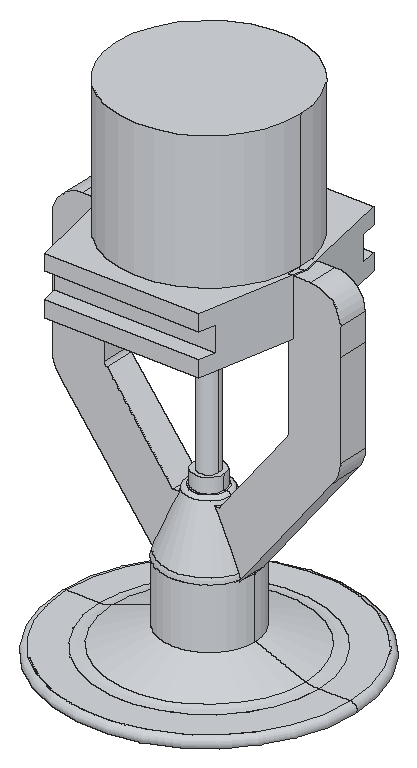
Revit family
Parameters (values of type "RASCO J112 PENDENT")
  Temperature Rating = 155 °F
  Response = 1
  RASCO SIN # = "RA7216"
  RASCO Part # = "J112P1B"
  Pressure Rating = "175 PSI"
  Pressure Class = (empty or 0)
  Orifice Size = 3/4"
  Orifice = (empty or 0)
  Model = "J112"
  Manufacturer = "RASCO"
  K-Factor = 11.2
  Description = "BRONZE FINISH"
  Coverage = (empty or 0)
Reference planes (in)
  plane 1 "Center (Front/Back)": y = 0
  plane 2: z = 0
  plane 3 "Center (Left/Right)": x = 0
Nested families (in)
  nested 1: "J112P1B" at (0, 0, 3.03581) x (-1, 0, 0) z (0, 0, -1), type "RASCO J112 PENDENT"
Connectors (in)
  piping at (0, 0, 3.03581)
    settings: on nested 1, index 1, connector radius 1/2", flow factor 0, pipe flow 0 GPM, pressure drop 0.00 psi, fitting loss kfactor 0, connector angle 0.00°, fixture units 0, flow configuration 0, flow direction 0, fitting loss method 0, system type 7, connector reference index -1, connector utility 0, adjustable connector no, is connector primary yes, fitting loss table "", connector description ""
Definition of nested family "J112P1B"
  Parameters (values of type "RASCO J112 PENDENT")
    Type Comments = ""
    Temperature Rating = 0 °F
    Response = (empty or 0)
    Pressure Rating = "0"
    Pressure Class = (empty or 0)
    Orifice Size = 0"
    Orifice = (empty or 0)
    Model = ""
    Manufacturer = ""
    K-Factor = 0
    Description = ""
    Coverage = (empty or 0)
    Assembly Code = ""
  Reference planes (in)
    plane 1 "Center (Front/Back)": y = 0
    plane 2: z = 0
    plane 3 "REF.1": z = 0.773
    plane 4 "top": z = 2.8125
    plane 5: x = -0.81624
    plane 6: x = 0.81332
    plane 7 "ref.2": z = 2.098
    plane 8 "head": z = 2.6725
    plane 9 "left/right center": x = 0
    plane 10 "screw": z = 1.98251
    plane 11 "bulb": z = 1.098
    plane 12: z = 2.95
  Forms (in)
    Extrusion 1, solid
      sketch origin (0, 0, 0) x (1, 0, 0) y (0, 1, 0)
        loop
          circle (0, 0) r 0.5221
      from 0 to 0.773
    Extrusion 2, solid
      sketch origin (0, 0, 0.773) x (-1, 0, 0) y (0, -1, 0)
        loop
          line (-0.43619, -0.62052) -> (0.4375, -0.62052) -> (0.56391, 0) -> (0.4375, 0.62052) -> (-0.43619, 0.62052) -> (-0.56259, 0) -> (-0.43619, -0.62052)
      from 0 to 0.325
    Extrusion 3, void
      sketch origin (0, 0, 0) x (1, 0, 0) y (0, 0, 1)
        loop
          line (-0.56391, 1.00774) -> (-0.56391, 0.86298) -> (0.56259, 0.86298) -> (0.56259, 1.00774) -> (-0.56391, 1.00774)
      from 0.52148 to 0.62052
    Extrusion 4, solid
      sketch origin (0, 0, 0) x (1, 0, 0) y (0, 0, 1)
        loop
          line (-0.5221, 0.773) -> (-0.5221, 1.098) -> (-0.5221, 1.58091)
          arc (-0.5221, 1.58091) -> (-0.5194, 1.59708) -> (-0.51161, 1.61149) r 0.04979
          line (-0.51161, 1.61149) -> (-0.13316, 2.098) -> (-0.00066, 2.098) -> (0.13184, 2.098) -> (0.5115, 1.61158)
          arc (0.5115, 1.61158) -> (0.51938, 1.59706) -> (0.5221, 1.58077) r 0.05007
          line (0.5221, 1.58077) -> (0.5221, 1.098) -> (0.5221, 0.773) -> (0.64763, 0.773)
          arc (0.64763, 0.773) -> (0.76676, 0.82234) -> (0.8161, 0.94147) r 0.16847
          line (0.8161, 0.94147) -> (0.8161, 1.098) -> (0.8161, 1.63725)
          arc (0.8161, 1.63725) -> (0.80631, 1.69579) -> (0.77801, 1.74796) r 0.17993
          line (0.77801, 1.74796) -> (0.18552, 2.50706) -> (-0.18743, 2.50706) -> (-0.77818, 1.74764)
          arc (-0.77818, 1.74764) -> (-0.80636, 1.69554) -> (-0.8161, 1.63712) r 0.18
          line (-0.8161, 1.63712) -> (-0.8161, 1.098) -> (-0.8161, 0.94094)
          arc (-0.8161, 0.94094) -> (-0.76691, 0.82219) -> (-0.64816, 0.773) r 0.16794
          line (-0.64816, 0.773) -> (-0.5221, 0.773)
      from -0.08649 to 0.08732
    Extrusion 5, void
      sketch origin (0.00728, 1.142, 0) x (1, 0, 0) y (0, 0, 1)
        loop
          line (-0.56391, 1.00774) -> (-0.56391, 0.86298) -> (0.56259, 0.86298) -> (0.56259, 1.00774) -> (-0.56391, 1.00774)
      from 0.52148 to 0.62052
    Revolve 6, solid
      sketch origin (0, 0, 0) x (1, 0, 0) y (0, 0, 1)
        loop
          line (-0.00066, 2.8125) -> (-0.24139, 2.8125)
          arc (-0.24139, 2.8125) -> (-0.25522, 2.80677) -> (-0.26095, 2.79293) r 0.01957
          line (-0.26095, 2.79293) -> (-0.26095, 2.42899)
          arc (-0.26095, 2.42899) -> (-0.25939, 2.41285) -> (-0.25476, 2.3973) r 0.08419
          line (-0.25476, 2.3973) -> (-0.12582, 2.07995)
          arc (-0.12582, 2.07995) -> (-0.11591, 2.06775) -> (-0.10088, 2.06316) r 0.02692
          line (-0.10088, 2.06316) -> (-0.00066, 2.06316) -> (-0.00066, 2.8125)
        axis (-0.00066, 2.8125) -> (-0.00066, 2.06316)
      angle from 0 to 360
    Extrusion 7, solid
      sketch origin (0, 0, 2.8125) x (-1, 0, 0) y (0, -1, 0)
        loop
          circle (0.00095, 0) r 0.18173
      from 0 to 0.01153
    Extrusion 8, solid
      sketch origin (0, 0, 1.98251) x (-1, 0, 0) y (0, -1, 0)
        loop
          circle (0, 0) r 0.087
      from 0 to 0.0806
    Extrusion 9, solid
      sketch origin (0, 0, 1.098) x (-1, 0, 0) y (0, -1, 0)
        loop
          circle (0, 0) r 0.05954
      from 0 to 0.88451
    Revolve 10, solid
      sketch origin (0, 0, 0) x (1, 0, 0) y (0, 0, 1)
        loop
          arc (-0.80541, 2.95) -> (-0.83791, 2.91744) -> (-0.80529, 2.885) r 0.0325
          line (-0.80529, 2.885) -> (-0.6226, 2.885)
          arc (-0.6226, 2.885) -> (-0.58658, 2.88196) -> (-0.55157, 2.87291) r 0.21476
          line (-0.55157, 2.87291) -> (-0.20963, 2.75307)
          arc (-0.20963, 2.75307) -> (-0.1935, 2.7489) -> (-0.1769, 2.7475) r 0.09897
          line (-0.1769, 2.7475) -> (-0.00095, 2.7475) -> (-0.00095, 2.8125) -> (-0.1642, 2.8125)
          arc (-0.1642, 2.8125) -> (-0.18242, 2.81404) -> (-0.20012, 2.81861) r 0.10861
          line (-0.20012, 2.81861) -> (-0.53776, 2.93695)
          arc (-0.53776, 2.93695) -> (-0.57556, 2.94671) -> (-0.61446, 2.95) r 0.23187
          line (-0.61446, 2.95) -> (-0.80541, 2.95)
        axis (0, 2.95) -> (0, 2.7475)
      angle from 0 to 360
  Cuts and joins
    Extrusion 3, Extrusion 5 cuts Extrusion 2
  Dimensions and locks (in)
    plane 12 to level = 0' - 2.95"
